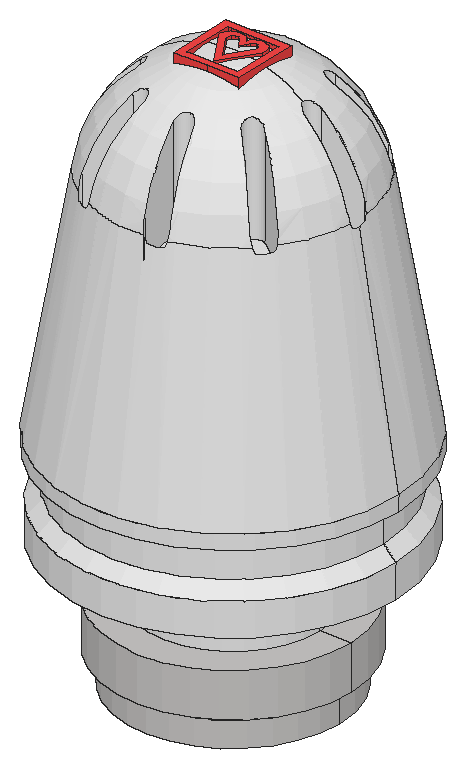
Revit family "HERZ-Mini-GS-Design-Thermostatic Sensor M28x1.5 9200 06", category Rohrzubehör, Revit 2020
Family settings
  Bemaßung runder Anschluss = Durchmesser verwenden
  Teiletyp = Normal
  OmniClass-Nummer = 23.65.55.14
  OmniClass-Titel = Valves for Liquid Services
  Arbeitsebenenbasiert = Nein
  Immer vertikal = Nein
  Beim Laden mit Abzugskörper schneiden = Nein
  Gemeinsam genutzt = Nein
Parameters
  Vorgabe-Ansicht = 0 mm
  URL = "www.herzvalves.com"
  Set value range = "6-28°C"  # constant formula
  S02 = 60 mm  # constant formula
  S01 = 73 mm  # constant formula
  Part number = 1920006  # constant formula
  Operation = "The HERZ thermostat serves as a sensing and control element.\r\nThe volumetric change of the liquid filling in the HERZ hydrosensor moves the thrust spindle of the valve."
  Shut off zero position = "When set to \"0\", the thermostatic valve is shut off and the frost protection is disabled."
  Hersteller = "HERZ Armaturen Ges.m.b.H."  # constant formula
  Hand wheel = "plastic, white"  # constant formula
  Frost protection = 6 °C  # constant formula
  Frost protection setpoint range = "6-28°C"  # constant formula
  Frost protection * = "When set to *, the valve automatically opens at approx.\r\n6 ° C ambient temperature and prevents the system from freezing."
  Application = "For mounting on valves that are designed for thermostatic operation."
Reference planes
  plane 1 "Mitte (Vorne/hinten)": y = 0
  plane 2: z = 0
  plane 3 "Mitte (Links/rechts)": x = 0
Forms (mm)
  Revolve 1, solid, material "Kunststoff weiß", detail levels fine
    sketch origin (0, 0, 0) x (1, 0, 0) y (0, 0, 1)
      loop
        line (0, 0) -> (0, 73)
        arc (0, 73) -> (-11.397, 68.78) -> (-17.297, 58.156) r 17.5
        arc (-17.297, 58.156) -> (-20.011, 42.065) -> (-22.88, 26) r 1681.293
        line (-22.88, 26) -> (-22.88, 24) -> (-20.75, 24) -> (-20.75, 19.25) -> (-22.5, 17.5) -> (-22.5, 13) -> (-12.8, 13)
        arc (-12.8, 13) -> (-12.234, 12.766) -> (-12, 12.2) r 0.8
        line (-12, 12.2) -> (-12, 4.8) -> (-13.2, 4.8) -> (-13.2, 0) -> (0, 0)
      axis (0, 73) -> (0, 0)
    angle from 0 to 360
  Revolve 2, solid, material "Messing verzinkt", detail levels fine
    sketch origin (0, 0, 0) x (1, 0, 0) y (0, 0, 1)
      loop
        line (0, 0) -> (0, 5.5) -> (-16.35, 5.5) -> (-16.35, -0.576) -> (-14.75, -1.5) -> (-14.75, -5) -> (-13.35, -5) -> (-13.35, 0) -> (0, 0)
      axis (0, 5.5) -> (0, -5)
    angle from 0 to 360
  Extrusion 3, void
    sketch origin (0, 0, 0) x (1, 0, 0) y (0, 1, 0)
      loop
        arc (11.027, 1.298) -> (9.8, 0) -> (11.027, -1.298) r 1.3
        line (11.027, -1.298) -> (16.77, -1.62)
        arc (16.77, -1.62) -> (17.178, -1.485) -> (17.384, -1.107) r 0.586
        arc (17.384, -1.107) -> (17.453, 0.011) -> (17.382, 1.129) r 9
        arc (17.382, 1.129) -> (17.183, 1.492) -> (16.79, 1.621) r 0.564
        line (16.79, 1.621) -> (11.027, 1.298)
      loop
        line (9.282, 6.094) -> (13.904, 9.55)
        arc (13.904, 9.55) -> (14.121, 9.902) -> (14.04, 10.308) r 0.564
        arc (14.04, 10.308) -> (13.376, 11.21) -> (12.605, 12.023) r 9
        arc (12.605, 12.023) -> (12.205, 12.18) -> (11.805, 12.021) r 0.586
        line (11.805, 12.021) -> (7.613, 8.082)
        arc (7.613, 8.082) -> (7.507, 6.299) -> (9.282, 6.094) r 1.3
      loop
        arc (0.637, 11.085) -> (1.702, 9.651) -> (3.193, 10.634) r 1.3
        line (3.193, 10.634) -> (4.508, 16.234)
        arc (4.508, 16.234) -> (4.445, 16.659) -> (4.109, 16.928) r 0.586
        arc (4.109, 16.928) -> (3.02, 17.189) -> (1.907, 17.313) r 9
        arc (1.907, 17.313) -> (1.515, 17.181) -> (1.319, 16.816) r 0.564
        line (1.319, 16.816) -> (0.637, 11.085)
      loop
        line (-4.39, 10.199) -> (-6.991, 15.351)
        arc (-6.991, 15.351) -> (-7.3, 15.626) -> (-7.713, 15.617) r 0.564
        arc (-7.713, 15.617) -> (-8.717, 15.12) -> (-9.651, 14.501) r 9
        arc (-9.651, 14.501) -> (-9.875, 14.134) -> (-9.788, 13.713) r 0.586
        line (-9.788, 13.713) -> (-6.638, 8.901)
        arc (-6.638, 8.901) -> (-4.9, 8.487) -> (-4.39, 10.199) r 1.3
      loop
        arc (-10.806, 2.552) -> (-9.209, 3.352) -> (-9.918, 4.991) r 1.3
        line (-9.918, 4.991) -> (-15.204, 7.258)
        arc (-15.204, 7.258) -> (-15.634, 7.271) -> (-15.957, 6.986) r 0.586
        arc (-15.957, 6.986) -> (-16.404, 5.959) -> (-16.719, 4.884) r 9
        arc (-16.719, 4.884) -> (-16.657, 4.475) -> (-16.332, 4.219) r 0.564
        line (-16.332, 4.219) -> (-10.806, 2.552)
      loop
        line (-10.806, -2.552) -> (-16.332, -4.219)
        arc (-16.332, -4.219) -> (-16.657, -4.475) -> (-16.719, -4.884) r 0.564
        arc (-16.719, -4.884) -> (-16.404, -5.959) -> (-15.957, -6.986) r 9
        arc (-15.957, -6.986) -> (-15.634, -7.271) -> (-15.204, -7.258) r 0.586
        line (-15.204, -7.258) -> (-9.918, -4.991)
        arc (-9.918, -4.991) -> (-9.209, -3.352) -> (-10.806, -2.552) r 1.3
      loop
        arc (9.282, -6.094) -> (7.507, -6.299) -> (7.613, -8.082) r 1.3
        line (7.613, -8.082) -> (11.805, -12.021)
        arc (11.805, -12.021) -> (12.205, -12.18) -> (12.605, -12.023) r 0.586
        arc (12.605, -12.023) -> (13.376, -11.21) -> (14.04, -10.308) r 9
        arc (14.04, -10.308) -> (14.121, -9.902) -> (13.904, -9.55) r 0.564
        line (13.904, -9.55) -> (9.282, -6.094)
      loop
        line (0.637, -11.085) -> (1.319, -16.816)
        arc (1.319, -16.816) -> (1.515, -17.181) -> (1.907, -17.313) r 0.564
        arc (1.907, -17.313) -> (3.02, -17.189) -> (4.109, -16.928) r 9
        arc (4.109, -16.928) -> (4.445, -16.659) -> (4.508, -16.234) r 0.586
        line (4.508, -16.234) -> (3.193, -10.634)
        arc (3.193, -10.634) -> (1.702, -9.651) -> (0.637, -11.085) r 1.3
      loop
        arc (-4.39, -10.199) -> (-4.9, -8.487) -> (-6.638, -8.901) r 1.3
        line (-6.638, -8.901) -> (-9.788, -13.713)
        arc (-9.788, -13.713) -> (-9.875, -14.134) -> (-9.651, -14.501) r 0.586
        arc (-9.651, -14.501) -> (-8.717, -15.12) -> (-7.713, -15.617) r 9
        arc (-7.713, -15.617) -> (-7.3, -15.626) -> (-6.991, -15.351) r 0.564
        line (-6.991, -15.351) -> (-4.39, -10.199)
    from 55 to 73
Cuts and joins
  Extrusion 3 cuts Revolve 1
Lines and regions (mm)
  model lines, detail levels coarse+medium
    curve 1: line (0, 0, 0) -> (0, 0, 13)
    curve 2: line (0, -0.017, 0) -> (0, 13, 0)
    curve 3: circle (0, 0, 43) r 30 normal (0, -1, 0)
    curve 4: circle (0, 0, 43) r 30 normal (1, 0, 0)
    curve 5: line (0, 0, 23) -> (0, 0, 63)
    curve 6: line (0, 17.5, 63) -> (0, -17.5, 63)
    curve 7: line (-17.5, 0, 63) -> (17.5, 0, 63)
    curve 8: circle (0, 43, 0) r 30 normal (0, 0, 1)
    curve 9: line (0, 23, 0) -> (0, 63, 0)
    curve 10: line (-17.5, 63, 0) -> (17.5, 63, 0)
Dimensions and locks
  "S01": curve 4 to plane 2
  "S01": curve 3 to plane 2
  "S01": plane 1 "Mitte (Vorne/hinten)" to curve 8
  "S02": diameter of curve 3
  "S02": diameter of curve 4
  "S02": diameter of curve 8
  aligned and locked: level to plane 2
Automatic sketch dimensions
  Revolve 1 sketch curve to level = 0 mm
  Revolve 1 sketch curve to plane 3 "Mitte (Links/rechts)" = 0 mm  (x2)
  Revolve 1 sketch curve to plane 3 "Mitte (Links/rechts)" = 12 mm
  Revolve 1 sketch curve to Revolve 1 sketch curve = 0.8 mm
  Revolve 1 sketch curve to Revolve 1 sketch curve = 1.2 mm
  Revolve 1 sketch curve to Revolve 1 sketch curve = 7.95 mm
  Revolve 1 sketch curve to Revolve 1 sketch curve = 1.75 mm  (x2)
  Revolve 1 sketch curve to Revolve 1 sketch curve = 2.13 mm
  level to Revolve 1 sketch curve = 329.658 mm
  Revolve 1 sketch curve to plane 3 "Mitte (Links/rechts)" = 1676.524 mm
  level to Revolve 1 sketch curve = 4.8 mm
  Revolve 1 sketch curve to Revolve 1 sketch curve = 7.4 mm
  Revolve 1 sketch curve to Revolve 1 sketch curve = 4.5 mm
  Revolve 1 sketch curve to Revolve 1 sketch curve = 4.75 mm
  Revolve 1 sketch curve to Revolve 1 sketch curve = 2 mm
  Revolve 1 sketch curve to Revolve 1 sketch curve = 29.5 mm
  Revolve 1 sketch curve to Revolve 1 sketch curve = 17.5 mm
  Revolve 1 sketch curve to level = 366.045 mm
  Revolve 1 sketch curve to Revolve 1 sketch curve = 2141.315 mm
  Revolve 2 sketch curve to level = 0 mm
  Revolve 2 sketch curve to plane 3 "Mitte (Links/rechts)" = 0 mm  (x2)
  Revolve 2 sketch curve to level = 5 mm
  Revolve 2 sketch curve to plane 3 "Mitte (Links/rechts)" = 13.35 mm
  Revolve 2 sketch curve to Revolve 2 sketch curve = 1.4 mm
  Revolve 2 sketch curve to level = 0.576 mm
  Revolve 2 sketch curve to Revolve 2 sketch curve = 1.6 mm
  Revolve 2 sketch curve to level = 1.5 mm
  level to Revolve 2 sketch curve = 5.5 mm
  Revolve 2 sketch curve to Revolve 2 sketch curve = 361.045 mm
  Revolve 2 sketch curve to Revolve 2 sketch curve = 2208.815 mm
  plane 1 "Mitte (Vorne/hinten)" to Extrusion 3 sketch curve = 0 mm  (x2)
  Extrusion 3 sketch curve to plane 1 "Mitte (Vorne/hinten)" = 4.219 mm
  Extrusion 3 sketch curve to plane 3 "Mitte (Links/rechts)" = 16.332 mm
  plane 1 "Mitte (Vorne/hinten)" to Extrusion 3 sketch curve = 4.219 mm
  Extrusion 3 sketch curve to Extrusion 3 sketch curve = 0 mm  (x11)
  Extrusion 3 sketch curve to Extrusion 3 sketch curve = 0.163 mm  (x2)
  Extrusion 3 sketch curve to Extrusion 3 sketch curve = 0.734 mm  (x2)
  plane 1 "Mitte (Vorne/hinten)" to Extrusion 3 sketch curve = 7.258 mm
  Extrusion 3 sketch curve to Extrusion 3 sketch curve = 0.231 mm  (x2)
  Extrusion 3 sketch curve to plane 1 "Mitte (Vorne/hinten)" = 7.258 mm
  plane 1 "Mitte (Vorne/hinten)" to Extrusion 3 sketch curve = 2.552 mm
  Extrusion 3 sketch curve to Extrusion 3 sketch curve = 5.526 mm
  Extrusion 3 sketch curve to plane 1 "Mitte (Vorne/hinten)" = 2.552 mm
  Extrusion 3 sketch curve to Extrusion 3 sketch curve = 0.375 mm  (x2)
  Extrusion 3 sketch curve to Extrusion 3 sketch curve = 0.512 mm  (x2)
  Extrusion 3 sketch curve to Extrusion 3 sketch curve = 5.416 mm  (x2)
  Extrusion 3 sketch curve to Extrusion 3 sketch curve = 0.49 mm  (x2)
  Extrusion 3 sketch curve to Extrusion 3 sketch curve = 2.488 mm  (x2)
  Extrusion 3 sketch curve to Extrusion 3 sketch curve = 1.803 mm  (x2)
  Extrusion 3 sketch curve to Extrusion 3 sketch curve = 0.504 mm  (x2)
  Extrusion 3 sketch curve to Extrusion 3 sketch curve = 3.281 mm  (x2)
  Extrusion 3 sketch curve to Extrusion 3 sketch curve = 1.088 mm  (x2)
  Extrusion 3 sketch curve to Extrusion 3 sketch curve = 1.16 mm  (x2)
  Extrusion 3 sketch curve to Extrusion 3 sketch curve = 1.324 mm  (x2)
  plane 3 "Mitte (Links/rechts)" to Extrusion 3 sketch curve = 0.637 mm  (x2)
  plane 3 "Mitte (Links/rechts)" to Extrusion 3 sketch curve = 1.319 mm  (x2)
  plane 3 "Mitte (Links/rechts)" to Extrusion 3 sketch curve = 1.468 mm  (x2)
  Extrusion 3 sketch curve to Extrusion 3 sketch curve = 0.561 mm  (x2)
  Extrusion 3 sketch curve to Extrusion 3 sketch curve = 1.291 mm  (x2)
  Extrusion 3 sketch curve to Extrusion 3 sketch curve = 1.266 mm  (x2)
  Extrusion 3 sketch curve to Extrusion 3 sketch curve = 2.058 mm  (x2)
  Extrusion 3 sketch curve to Extrusion 3 sketch curve = 0.57 mm  (x2)
  Extrusion 3 sketch curve to Extrusion 3 sketch curve = 5.007 mm  (x2)
  Extrusion 3 sketch curve to Extrusion 3 sketch curve = 1.138 mm  (x2)
  Extrusion 3 sketch curve to Extrusion 3 sketch curve = 1.978 mm
  Extrusion 3 sketch curve to Extrusion 3 sketch curve = 0.89 mm  (x2)
  Extrusion 3 sketch curve to Extrusion 3 sketch curve = 0.779 mm  (x2)
  plane 1 "Mitte (Vorne/hinten)" to Extrusion 3 sketch curve = 1.298 mm
  Extrusion 3 sketch curve to Extrusion 3 sketch curve = 2.575 mm
  Extrusion 3 sketch curve to Extrusion 3 sketch curve = 0.073 mm
  Extrusion 3 sketch curve to Extrusion 3 sketch curve = 4.192 mm  (x2)
  Extrusion 3 sketch curve to Extrusion 3 sketch curve = 0.401 mm  (x2)
  Extrusion 3 sketch curve to Extrusion 3 sketch curve = 1.36 mm  (x2)
  Extrusion 3 sketch curve to Extrusion 3 sketch curve = 0.338 mm  (x2)
  plane 1 "Mitte (Vorne/hinten)" to Extrusion 3 sketch curve = 1.62 mm
  Extrusion 3 sketch curve to Extrusion 3 sketch curve = 5.743 mm
  Extrusion 3 sketch curve to plane 1 "Mitte (Vorne/hinten)" = 1.621 mm
  Extrusion 3 sketch curve to Extrusion 3 sketch curve = 0.02 mm
  Extrusion 3 sketch curve to Extrusion 3 sketch curve = 0.033 mm
  Extrusion 3 sketch curve to Extrusion 3 sketch curve = 0.032 mm
  plane 1 "Mitte (Vorne/hinten)" to Extrusion 3 sketch curve = 7.32 mm
  Extrusion 3 sketch curve to Extrusion 3 sketch curve = 6.784 mm
  Extrusion 3 sketch curve to Extrusion 3 sketch curve = 1.004 mm
  Extrusion 3 sketch curve to Extrusion 3 sketch curve = 1.581 mm  (x2)
  Extrusion 3 sketch curve to Extrusion 3 sketch curve = 1.468 mm
  Extrusion 3 sketch curve to Extrusion 3 sketch curve = 0.712 mm  (x2)
  Extrusion 3 sketch curve to Extrusion 3 sketch curve = 0.452 mm  (x2)
  Extrusion 3 sketch curve to Extrusion 3 sketch curve = 2.31 mm  (x2)
  Extrusion 3 sketch curve to Extrusion 3 sketch curve = 0.297 mm  (x2)
  Extrusion 3 sketch curve to Extrusion 3 sketch curve = 1.591 mm  (x2)
  Extrusion 3 sketch curve to Extrusion 3 sketch curve = 0.427 mm  (x2)
  Extrusion 3 sketch curve to Extrusion 3 sketch curve = 4.812 mm  (x2)
  Extrusion 3 sketch curve to Extrusion 3 sketch curve = 0.321 mm  (x2)
  Extrusion 3 sketch curve to Extrusion 3 sketch curve = 1.063 mm  (x2)
  Extrusion 3 sketch curve to Extrusion 3 sketch curve = 0.254 mm  (x2)
  Extrusion 3 sketch curve to Extrusion 3 sketch curve = 5.599 mm  (x2)
  Extrusion 3 sketch curve to Extrusion 3 sketch curve = 0.134 mm  (x2)
  Extrusion 3 sketch curve to Extrusion 3 sketch curve = 0.382 mm  (x2)
  Extrusion 3 sketch curve to Extrusion 3 sketch curve = 0.067 mm  (x2)
  Extrusion 3 sketch curve to Extrusion 3 sketch curve = 0.947 mm
  Extrusion 3 sketch curve to Extrusion 3 sketch curve = 0.539 mm  (x2)
  Extrusion 3 sketch curve to Extrusion 3 sketch curve = 1.702 mm
  Extrusion 3 sketch curve to Extrusion 3 sketch curve = 2.439 mm
  Extrusion 3 sketch curve to Extrusion 3 sketch curve = 0.54 mm  (x2)
  Extrusion 3 sketch curve to Extrusion 3 sketch curve = 0.905 mm
  Extrusion 3 sketch curve to Extrusion 3 sketch curve = 0.585 mm
  Extrusion 3 sketch curve to Extrusion 3 sketch curve = 0.564 mm
  Extrusion 3 sketch curve to Extrusion 3 sketch curve = 0.339 mm
  Extrusion 3 sketch curve to Extrusion 3 sketch curve = 1.245 mm
  Extrusion 3 sketch curve to plane 1 "Mitte (Vorne/hinten)" = 5.433 mm
  Extrusion 3 sketch curve to Extrusion 3 sketch curve = 0.661 mm
  Extrusion 3 sketch curve to Extrusion 3 sketch curve = 1.041 mm
  Extrusion 3 sketch curve to Extrusion 3 sketch curve = 4.429 mm
  Extrusion 3 sketch curve to Extrusion 3 sketch curve = 2.891 mm
  Extrusion 3 sketch curve to Extrusion 3 sketch curve = 3.456 mm
  Extrusion 3 sketch curve to plane 1 "Mitte (Vorne/hinten)" = 1.298 mm  (x2)
  curve 5 to plane 1 "Mitte (Vorne/hinten)" = 0 mm
  curve 4 to plane 1 "Mitte (Vorne/hinten)" = 0 mm
  plane 1 "Mitte (Vorne/hinten)" to curve 6 = 17.5 mm
  curve 5 to curve 6 = 17.5 mm
  curve 5 to curve 4 = 20 mm
  curve 4 to curve 6 = 20 mm
  curve 3 to plane 3 "Mitte (Links/rechts)" = 0 mm
  curve 1 to plane 3 "Mitte (Links/rechts)" = 0 mm
  curve 1 to level = 0 mm
  curve 7 to plane 3 "Mitte (Links/rechts)" = 17.5 mm
  plane 3 "Mitte (Links/rechts)" to curve 7 = 17.5 mm
  curve 3 to curve 7 = 20 mm
  curve 8 to plane 3 "Mitte (Links/rechts)" = 0 mm
  curve 9 to plane 3 "Mitte (Links/rechts)" = 0 mm
  curve 2 to plane 3 "Mitte (Links/rechts)" = 0 mm
  curve 10 to curve 9 = 17.5 mm
  plane 3 "Mitte (Links/rechts)" to curve 10 = 17.5 mm
  plane 1 "Mitte (Vorne/hinten)" to curve 2 = 0.017 mm
  curve 2 to curve 9 = 10 mm
  curve 8 to curve 10 = 20 mm
Nested families
  nested 1: "Herz-Logo" at (0, 0, 71.5), type "Herz-Logo", detail levels fine
Definition of nested family "Herz-Logo"
  Parameters (values of type "Herz-Logo")
    Default Elevation = 0 mm
  Reference planes
    plane 1 "Mitte (Vorne/hinten)": y = 0
    plane 2: z = 0
    plane 3 "Mitte (Links/rechts)": x = 0
  Forms (mm)
    Extrusion 1, solid
      sketch origin (0, 0, 0) x (1, 0, 0) y (0, 1, 0)
        loop
          line (-0.018, -4.517) -> (4.482, -4.517) -> (4.482, 4.483) -> (-4.518, 4.483) -> (-4.518, -4.517) -> (-0.018, -4.517)
        loop
          line (-0.05, -3.48) -> (3.482, -3.48) -> (3.482, 3.483) -> (-3.518, 3.483) -> (-3.518, -3.48) -> (-0.05, -3.48)
        loop
          arc (-0.018, 2.383) -> (-1.543, 3.287) -> (-3.067, 2.383) r 1.738
          arc (-3.067, 2.383) -> (-3.191, 1.899) -> (-3.067, 1.415) r 1.009
          line (-3.067, 1.415) -> (-0.018, -3.281) -> (3.032, 1.415)
          arc (3.032, 1.415) -> (3.156, 1.899) -> (3.032, 2.383) r 1.009
          arc (3.032, 2.383) -> (1.507, 3.287) -> (-0.018, 2.383) r 1.738
        loop
          arc (1.885, 1.272) -> (2.005, 1.675) -> (1.885, 2.079) r 0.74
          arc (1.885, 2.079) -> (1.265, 2.416) -> (0.644, 2.079) r 0.74
          line (0.644, 2.079) -> (-0.018, 0.97) -> (-0.679, 2.079)
          arc (-0.679, 2.079) -> (-1.3, 2.416) -> (-1.921, 2.079) r 0.74
          arc (-1.921, 2.079) -> (-2.04, 1.675) -> (-1.921, 1.272) r 0.74
          line (-1.921, 1.272) -> (-0.018, -1.658) -> (1.885, 1.272)
      from 0 to 1.5
  Dimensions and locks
    aligned and locked: level to plane 2
